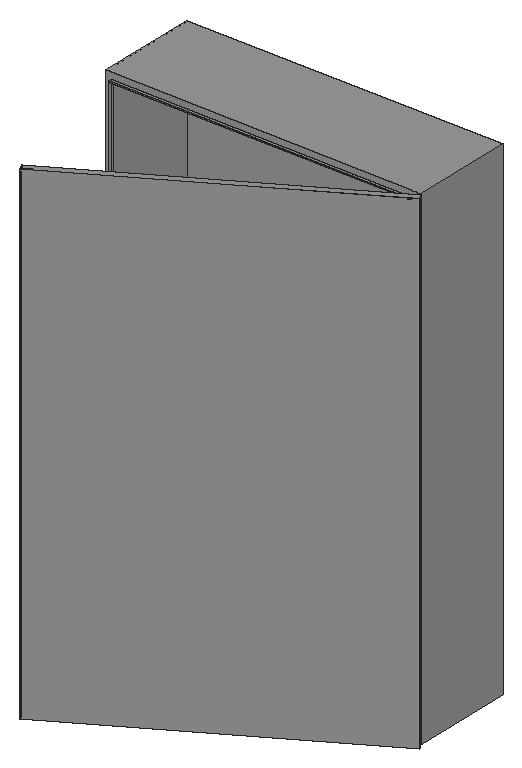
Revit family "Hager-Univers-IP55-D275-H1250-Cl.I-Steel_encl-NoHosted-CH-de", category Equipement électrique, Revit 2020
Family settings
  Configuration du panneau = Deux colonnes, circuits au sein
  Cote de connecteur circulaire = Utiliser le diamètre
  Type d'élément = Tableau de raccordement
  Basée sur le plan de construction = Oui
  Toujours verticalement = Oui
  Couper avec des vides une fois chargée = Non
  Partagée = Non
  Point de calcul de pièce = Non
Parameters (values of type "Aufputz IP55 B800 H1250 T275  - FR83E")
  Width Control [instance] = if([EF000008 - Breite] > Min Width, [EF000008 - Breite], Min Width)  # 800 mm
  Commentaires du type = [HG000003 - Bereich]  # "Univers"
  Thickness Door [instance] = if([EF009171 - Materialstärke Tür/Deckel] > 3 mm, 3 mm, [EF009171 - Materialstärke Tür/Deckel])  # 1.5 mm
  Seal Frame Offset [instance] = 17 mm  # constant formula
  Plinth Visibility [instance] = [HG000027 - Sockelhöhe] > 0 mm  # no
  Min Width [instance] = 100 mm  # constant formula
  Min Depth [instance] = (2 * [EF009170 - Materialstärke Gehäuse]) + 1 mm  # 4 mm
  Min Height [instance] = 100 mm  # constant formula
  Internal Frame Depth [instance] = (Door System Depth * 0.5)  # 9 mm
  Panel Name [instance] = ""  # (empty or 0)
  Model = ""
  HG000027 - Sockelhöhe = 0 mm
  HG000026 - Stehend auf dem Boden = no
  HG000024 - Höhe des unteren Teils = 600 mm
  HG000023 - Gehäuse mit doppeltem Querschnitt = no
  HG000016 - 3D-Türsichtbarkeit [instance] = yes
  HG000015 - Sichtbarkeit der Türöffnung [instance] = no
  HG000014 - Tür rechts [instance] = yes
  HG000013 - Tür links [instance] = not([HG000014 - Tür rechts])  # no
  HG000012 - Türschwenkwinkel [instance] = 30.00°
  HG000010 - Asymmetrische Türen = no
  HG000009 - Doppelflügeligen Tür = no
  HG000006 - Unterputz = no
  HG000004 - Herstellerreferenz = "FR83E"
  HG000003 - Bereich = "Univers"
  HG000002 - Mit tür = yes
  Frame Offset Bottom [instance] = 10 mm  # constant formula
  Frame Offset [instance] = 15 mm  # constant formula
  EF015940 - Deckel mit Überdruckentlastung = no
  EF011959 - Schutzart (NEMA) = ""
  EF009554 - Anzahl der Öffnungen für Flanschplatten = 6
  EF009212 - Ausführung Deckel = "EV000116 - geschlossen"
  EF009171 - Materialstärke Tür/Deckel = 1.5 mm
  EF009170 - Materialstärke Gehäuse = 1.5 mm
  EF008873 - Nennstrom (In) = 800 A
  EF007800 - Geeignet für Blitzschutz = no
  EF006306 - Mit Schloss = no
  EF006244 - Transparenter Deckel/Tür = no
  EF005474 - Schutzart (IP) = "EV006420 - IP55"
  EF004464 - Art der Tür = "EV002646 - Einzel"
  EF004427 - Anzahl der Module = 288
  EF004293 - Schlagfestigkeit = "EV008784 - IK10"
  EF003532 - Geeignet für Außengebrauch = no
  EF002950 - Breite in Teilungseinheiten = 24
  EF001613 - Funktionserhalt = "EV000494 - ohne"
  EF001596 - Werkstoff des Gehäuses = "EV000179 - Stahl"
  EF001131 - Innentiefe = 275 mm
  EF001088 - Anbaumöglichkeit = yes
  EF000437 - Anzahl der Leitungseinführungen = 6
  EF000339 - Art der Abdeckung = "EV004216 - Tür"
  EF000266 - Anzahl der Reihen = 8
  EF000218 - Einbautiefe = 0 mm
  EF000118 - Mit Montageplatte = no
  EF000116 - RAL-Nummer = "7035"
  EF000049 - Tiefe = 275 mm
  EF000040 - Höhe = 1250 mm
  EF000008 - Breite = 800 mm
  EF000007 - Farbe = "EV000270 - grau"
  EF000003 - Montageart = "EV000384 - Aufputz"
  Door System Leaf Tolerance [instance] = 1.5 mm  # constant formula
  Door System Depth [instance] = 18 mm  # constant formula
  Door Height [instance] = Height Control - [HG000027 - Sockelhöhe]  # 1250 mm
  Description = ""
  Default Elevation = 1219.2 mm
  Connector Offset [instance] = Height Control / 2  # 625 mm
  Fabricant = "Hager"  # constant formula
  Height Control [instance] = if([EF000040 - Höhe] > Min Height, [EF000040 - Höhe], Min Height)  # 1250 mm
  Depth Control [instance] = if([EF000049 - Tiefe] > Min Depth, [EF000049 - Tiefe], Min Depth)  # 275 mm
  Bottom Top Plate Trim [instance] = 1.5 mm  # constant formula
  Plinth height Ctrl [instance] = if([HG000027 - Sockelhöhe] > 0 mm, [HG000027 - Sockelhöhe], 12 mm)  # 12 mm
Types (5, lengths in mm): name | Width Control | HG000010 - Asymmetrische Türen | HG000009 - Doppelflügeligen Tür | HG000004 - Herstellerreferenz | EF009554 - Anzahl der Öffnungen für Flanschplatten | EF004464 - Art der Tür | EF004427 - Anzahl der Module | EF000437 - Anzahl der Leitungseinführungen | EF000008 - Breite
  Aufputz IP55 B1050 H1250 T275  - FR84E | 1050 | no | yes | "FR84E" | 8 | "EV003602 - Doppel" | 384 | 8 | 1050
  Aufputz IP55 B1300 H1250 T275  - FR85E | 1300 | yes | yes | "FR85E" | 10 | "EV003602 - Doppel" | 480 | 10 | 1300
  Aufputz IP55 B300 H1250 T275  - FR81E | 300 | no | no | "FR81E" | 2 | "EV002646 - Einzel" | 96 | 2 | 300
  Aufputz IP55 B550 H1250 T275  - FR82E | 550 | no | no | "FR82E" | 4 | "EV002646 - Einzel" | 192 | 4 | 550
  Aufputz IP55 B800 H1250 T275  - FR83E | 800 | no | no | "FR83E" | 6 | "EV002646 - Einzel" | 288 | 6 | 800
Reference planes
  plane 1 "Center (Front/Back)": y = 0
  plane 2: z = 0
  plane 3 "Center (Left/Right)": x = 0
  plane 4: y = 0
  plane 5: y = 0
  plane 6: z = 0
  plane 7: x = -400
  plane 8: x = 400
  plane 9: x = 398.5
  plane 10: x = -398.5
  plane 11: z = 0
  plane 12: z = 1.5
  plane 13: y = -275
  plane 14: y = -1.5
  plane 15: x = 0
  plane 16: y = -257
  plane 17: y = -273.5
  plane 18: y = -255.5
  plane 19: x = -383.5
  plane 20: x = 383.5
  plane 21: z = 11.5
  plane 22: x = -383
  plane 23: x = 383
  plane 24: z = 0
  plane 25: z = 1250
  plane 26: z = 1250
  plane 27: z = 1233.5
  plane 28: z = 1248.5
Forms (mm)
  Extrusion 1, solid, material "Hager_Steel_RAL7035_Light_Grey", detail levels medium+fine
    sketch origin (-208.679, -4572, 0) x (-1, 0, 0) y (0, -1, 0)
      loop
        line (191.321, -4315) -> (-608.679, -4315) -> (-608.679, -4572) -> (191.321, -4572) -> (191.321, -4315)
    from 0 to 1250
  Extrusion 2, void
    sketch origin (-350.771, -275, 1219.2) x (1, 0, 0) y (0, 0, 1)
      loop
        line (-47.729, 29.3) -> (-47.729, -1217.7) -> (749.271, -1217.7) -> (749.271, 29.3) -> (-47.729, 29.3)
    from -19.5 to -273.5
  Extrusion 3, void
    sketch origin (-290.084, -257, 1219.2) x (1, 0, 0) y (0, 0, 1)
      loop
        line (-93.416, -1207.7) -> (673.584, -1207.7) -> (673.584, 14.3) -> (-93.416, 14.3) -> (-93.416, -1207.7)
    from 0 to -1.5
  Extrusion 4, solid, material "Hager_Steel_RAL7035_Light_Grey", visible <- "Plinth Visibility", detail levels medium+fine
    sketch origin (0, 0, 0) x (1, 0, 0) y (0, 1, 0)
      loop
        line (-400, 0) -> (-400, -257) -> (400, -257) -> (400, 0) -> (-400, 0)
    from 0 to 12 <- "Plinth height Ctrl"
  Extrusion 5, solid, material "Hager_Steel_RAL7035_Light_Grey", detail levels coarse
    sketch origin (0, 0, 0) x (1, 0, 0) y (0, 1, 0)
      loop
        line (-400, 0) -> (-400, -275) -> (400, -275) -> (400, 0) -> (-400, 0)
    from 0 to 1250 <- "Height Control"
  Sweep 6, void
    path in 3D
      loop
        line (-400, -257, 12) -> (400, -257, 12) -> (400, 0, 12) -> (-400, 0, 12) -> (-400, -257, 12)
    profile origin (-400, -128.5, 12) x (1, 0, 0) y (0, 0, 1)
      loop
        line (0, 0) -> (0, -1.5) -> (1.5, -1.5)
        arc (1.5, -1.5) -> (1.061, -0.439) -> (0, 0) r 1.5
  Extrusion 7, solid, material "Hager_Steel_RAL7035_Light_Grey", detail levels fine
    sketch origin (-400, -257, 0) x (1, 0, 0) y (0, 0, 1)
      loop
        line (16.5, 11.5) -> (783.5, 11.5) -> (783.5, 1233.5) -> (16.5, 1233.5) -> (16.5, 11.5)
      loop
        line (15, 10) -> (785, 10) -> (785, 1235) -> (15, 1235) -> (15, 10)
    from 0 to 9 <- "Internal Frame Depth"
Cuts and joins
  Extrusion 2, Extrusion 3 cuts Extrusion 1
  Sweep 6 cuts Extrusion 4
Lines and regions (mm)
  Masking region 1
    outline origin (0, 0, 0) x (1, 0, 0) y (0, 1, 0)
      loop
        line (-400, 0) -> (-400, -275) -> (400, -275) -> (400, 0) -> (-400, 0)
  Masking region 2, detail levels coarse
    outline origin (-290.084, -257, 1219.2) x (-1, 0, 0) y (0, 0, 1)
      loop
        line (-690.084, -1219.2) -> (109.916, -1219.2) -> (109.916, 30.8) -> (-690.084, 30.8) -> (-690.084, -1219.2)
  Masking region 3, detail levels coarse
    outline origin (0, 0, 0) x (0, 1, 0) y (0, 0, 1)
      loop
        line (0, 0) -> (0, 1250) -> (-275, 1250) -> (-275, 0) -> (0, 0)
  Masking region 4, visible <- "Plinth Visibility", detail levels medium+fine
    outline origin (0, 0, 0) x (0, 1, 0) y (0, 0, 1)
      loop
        line (-1.5, 12) -> (-255.5, 12)
        arc (-255.5, 12) -> (-255.939, 10.939) -> (-257, 10.5) r 1.5
        line (-257, 10.5) -> (-257, 0) -> (0, 0) -> (0, 10.5)
        arc (0, 10.5) -> (-1.061, 10.939) -> (-1.5, 12) r 1.5
  Masking region 5, detail levels medium+fine
    outline origin (0, 0, 594.038) x (0, 1, 0) y (0, 0, 1)
      loop
        line (0, -594.038) -> (0, 655.962) -> (-257, 655.962) -> (-257, -594.038) -> (0, -594.038)
  Masking region 6, detail levels medium+fine
    outline origin (-359.7, -257, 1211.883) x (-1, 0, 0) y (0, 0, 1)
      loop
        line (-759.7, -1211.883) -> (40.3, -1211.883) -> (40.3, 38.117) -> (-759.7, 38.117) -> (-759.7, -1211.883)
  Masking region 7, visible <- "Plinth Visibility", detail levels medium+fine
    outline origin (-320.334, -257, 1041.368) x (-1, 0, 0) y (0, 0, 1)
      loop
        line (-720.334, -1041.368) -> (79.666, -1041.368) -> (79.666, -1030.868)
        arc (79.666, -1030.868) -> (78.606, -1030.429) -> (78.166, -1029.368) r 1.5
        line (78.166, -1029.368) -> (-718.834, -1029.368)
        arc (-718.834, -1029.368) -> (-719.273, -1030.429) -> (-720.334, -1030.868) r 1.5
        line (-720.334, -1030.868) -> (-720.334, -1041.368)
  sketch lines
    curve 1: line (-400, 0, 12) -> (-400, -257, 12)
    curve 2: line (-400, -257, 12) -> (400, -257, 12)
    curve 3: line (400, 0, 12) -> (-400, 0, 12)
    curve 4: line (400, -257, 12) -> (400, 0, 12)
Dimensions and locks
  locked: plane 1 "Center (Front/Back)" to plane 5
  "EF009170 - Materialstärke Gehäuse": plane 7 to plane 10
  "EF009170 - Materialstärke Gehäuse": plane 8 to plane 9
  equal spacing: plane 7, plane 3 "Center (Left/Right)", plane 8
  "Width Control": plane 7 to plane 8
  "Depth Control": plane 4 to plane 13
  "EF009170 - Materialstärke Gehäuse": plane 4 to plane 14
  "Height Control": plane 25 to level
  "HG000027 - Sockelhöhe": plane 11 to level
  "EF009170 - Materialstärke Gehäuse": plane 12 to plane 11
  "EF009170 - Materialstärke Gehäuse": plane 17 to plane 13
  "EF009170 - Materialstärke Gehäuse": plane 18 to plane 16
  "Frame Offset Bottom": plane 21 to plane 12
  "Frame Offset": plane 10 to plane 19
  "Frame Offset": plane 9 to plane 20
  "Door System Depth": plane 16 to plane 13
  "Seal Frame Offset": plane 7 to plane 22
  "Seal Frame Offset": plane 8 to plane 23
  "EF009170 - Materialstärke Gehäuse": plane 26 to plane 28
  "Frame Offset": plane 28 to plane 27
  "Connector Offset": plane 2 to connector elem
  "Bottom Top Plate Trim": profile plane to Sweep 6 sketch curve
  "Bottom Top Plate Trim": Sweep 6 sketch curve to Sweep 6 sketch curve
  "Plinth height Ctrl": Masking region 4 sketch curve to level
  "Plinth height Ctrl": Masking region 7 sketch curve to level
  "Thickness Door": Extrusion 7 sketch curve to Extrusion 7 sketch curve  (x4)
  "Bottom Top Plate Trim": radius of Sweep 6 sketch curve
  "Bottom Top Plate Trim": radius of Masking region 4 sketch curve  (x2)
  "Bottom Top Plate Trim": radius of Masking region 7 sketch curve  (x2)
  aligned and locked: Extrusion 2 sketch curve to plane 12
  aligned and locked: Extrusion 2 sketch curve to plane 9
  aligned and locked: Extrusion 2 sketch curve to plane 10
  aligned and locked: Extrusion 2 to plane 14
  aligned and locked: Extrusion 1 sketch curve to plane 4
  aligned and locked: plane 8 to Extrusion 1 sketch curve
  aligned and locked: plane 7 to Extrusion 1 sketch curve
  aligned and locked: Extrusion 2 to plane 18
  aligned and locked: Extrusion 3 sketch curve to plane 19
  aligned and locked: plane 20 to Extrusion 3 sketch curve
  aligned and locked: Extrusion 3 to Extrusion 2
  aligned and locked: Extrusion 3 sketch curve to plane 21
  aligned and locked: plane 3 "Center (Left/Right)" to nested 1
  aligned and locked: Extrusion 1 sketch curve to plane 16
  aligned and locked: Extrusion 4 sketch curve to cut or joined group of Extrusion 1, Extrusion 2, Extrusion 3
  aligned and locked: Masking region 1 sketch curve to plane 7
  aligned and locked: Masking region 1 sketch curve to plane 5
  aligned and locked: Masking region 1 sketch curve to plane 8
  aligned and locked: Masking region 2 sketch curve to level
  aligned and locked: level to Masking region 3 sketch curve
  aligned and locked: plane 1 "Center (Front/Back)" to Masking region 3 sketch curve
  aligned and locked: plane 13 to Masking region 3 sketch curve
  aligned and locked: plane 5 to Masking region 4 sketch curve
  aligned and locked: Masking region 2 sketch curve to plane 8
  aligned and locked: Masking region 2 sketch curve to plane 7
  aligned and locked: plane 7 to nested 2
  aligned and locked: nested 2 to plane 5
  aligned and locked: plane 5 to Masking region 5 sketch curve
  aligned and locked: plane 26 to Masking region 5 sketch curve
  aligned and locked: Extrusion 5 sketch curve to plane 8
  aligned and locked: Extrusion 5 sketch curve to plane 7
  aligned and locked: Extrusion 5 sketch curve to plane 5
  aligned and locked: Extrusion 3 sketch curve to plane 27
  aligned and locked: Extrusion 2 sketch curve to plane 28
  aligned and locked: Masking region 2 to plane 25
  aligned and locked: Extrusion 4 to plane 16
  aligned and locked: profile plane to Sweep 6 sketch curve
  aligned and locked: Masking region 5 sketch curve to plane 24
  aligned and locked: level to Masking region 4 sketch curve
  aligned and locked: Masking region 1 to plane 13
  aligned and locked: nested 1 to plane 16
  aligned and locked: Masking region 3 to plane 25
  aligned and locked: plane 16 to Masking region 4 sketch curve
  aligned and locked: Masking region 5 sketch curve to plane 16
  aligned and locked: plane 24 to plane 11
  aligned and locked: plane 26 to plane 25
  aligned and locked: plane 26 to cut or joined group of Extrusion 1, Extrusion 2, Extrusion 3
  aligned and locked: nested 1 to plane 24
  aligned and locked: Extrusion 1 to Extrusion 3
  aligned and locked: Masking region 6 sketch curve to plane 8
  aligned and locked: Masking region 6 sketch curve to plane 24
  aligned and locked: Masking region 6 sketch curve to plane 7
  aligned and locked: Masking region 6 sketch curve to plane 26
  aligned and locked: Masking region 7 sketch curve to plane 7
  aligned and locked: level to Masking region 7 sketch curve
  aligned and locked: Masking region 7 sketch curve to plane 8
  aligned and locked: Extrusion 7 sketch curve to cut or joined group of Extrusion 1, Extrusion 2, Extrusion 3  (x4)
Automatic sketch dimensions
  plane 19 to Extrusion 3 sketch curve = 0 mm
  Extrusion 3 sketch curve to plane 20 = 0 mm
  Extrusion 3 sketch curve to plane 21 = 0 mm
  Extrusion 4 sketch curve to plane 7 = 0 mm
  Extrusion 4 sketch curve to plane 8 = 0 mm
  Extrusion 4 sketch curve to plane 16 = 0 mm
  Masking region 1 sketch curve to plane 13 = 0 mm
  Masking region 2 sketch curve to plane 25 = 0 mm
  Masking region 3 sketch curve to plane 25 = 0 mm
  Extrusion 5 sketch curve to plane 13 = 0 mm
  profile plane to Sweep 6 sketch curve = 0 mm
Nested families
  nested 1: "EC000058_Univers_Door" at (0, -257, 0), Double <- "HG000009 - Doppelflügeligen Tür", Transparent <- "EF006244 - Transparenter Deckel/Tür", Angle <- "HG000012 - Türschwenkwinkel", Door_Right <- "HG000014 - Tür rechts", Assymetrical <- "HG000010 - Asymmetrische Türen", Door <- "HG000002 - Mit tür", Width_Ctrl <- "Width Control", 3d_Door <- "HG000016 - 3D-Türsichtbarkeit", Clearance <- "HG000015 - Sichtbarkeit der Türöffnung", Door_Left <- "HG000013 - Tür links", Width <- "Width Control", Door_Depth <- "Door System Depth", Leaf_Tolerance <- "Door System Leaf Tolerance", Height <- "Door Height", Lock_Visibility <- "EF006306 - Mit Schloss", Thickness <- "Thickness Door", type "EC000058_Univers_Door", detail levels medium+fine
    with min_wh 4 mm, Width_Ctrl 800 mm, Width 800 mm, Transparent no, Thickness 1.5 mm, Seal_Material Hager_Rubber, Lock_Visibility no, Lock_Material Hager_Plastic_RAL9005_Jet_Black, Leaf_Width 800 mm, Leaf_Tolerance_External_Sides 0 mm, Leaf_Tolerance 1.5 mm, Leaf_Offset 0 mm, Leaf_Height 1247 mm, Leaf_2_Width 800 mm, Leaf_2_Offset 400 mm, Leaf_1_Width 800 mm, Leaf_1_Offset 400 mm, Height_Ctrl 1250 mm, Height 1250 mm, Glass_Material Hager_Glass, Double_Clearance_Ctrl no, Double no, Door_Right_Ctrl yes, Door_Right yes, Door_Material Hager_Steel_RAL7035_Light_Grey, Door_Left_Ctrl no, Door_Left no, Door_Depth 18 mm, Door yes, Clearance_Material Hager_Clearance, Clearance_Depth 800 mm, Clearance_Ctrl no, Clearance no, Assymetrical no, Angle 30.00°, 3d_Door yes
  nested 2: "Hager_Enclosure_Symbol" at (-400, 0, 0), Height <- "Depth Control", Width <- "Width Control", type "Hager_Enclosure_Symbol"
    with Width_Ctrl 800 mm, Width 800 mm, Height_Ctrl 275 mm, Height 275 mm, A_Width_Int 18.047 mm, A_Width 216.562 mm, A_Height_Ctrl 240.625 mm, A_Height 240.625 mm
Connectors
  electrical at (0, 0, 625)
    settings: on plane 1 "Center (Front/Back)", index 1, voltage 0 V, apparent load 0 VA, apparent load phase1 0 VA, apparent load phase2 0 VA, apparent load phase3 0 VA, power factor 1, load classification "Other", number of poles 1, system type 30, power factor state 1, is connector primary yes, connector utility no, sub classification motor no, connector description ""
Definition of nested family "EC000058_Univers_Door"
  Parameters (values of type "EC000058_Univers_Door")
    min_wh [instance] = (2 * Thickness) + 1 mm  # 11 mm
    Width_Ctrl [instance] = 400 mm
    Width [instance] = 500 mm
    Transparent [instance] = yes
    Thickness [instance] = 5 mm
    Seal_Material [instance] = none
    Lock_Visibility [instance] = yes
    Lock_Material [instance] = none
    Leaf_Width [instance] = if((Width_Ctrl - 2 * Leaf_Tolerance_External_Sides) > 0 mm, (Width_Ctrl - 2 * Leaf_Tolerance_External_Sides), min_wh)  # 400 mm
    Leaf_Tolerance_External_Sides [instance] = 0 mm  # constant formula
    Leaf_Tolerance [instance] = 1.5 mm
    Leaf_Offset [instance] = 0 mm  # constant formula
    Leaf_Height [instance] = if((Height_Ctrl - 2 * Leaf_Tolerance) > 0 mm, (Height_Ctrl - 2 * Leaf_Tolerance), min_wh)  # 497 mm
    Leaf_2_Width [instance] = if(and(and(Double, Assymetrical), Door_Left), (Leaf_Width / 3) - (Leaf_Tolerance / 2), if(and(and(Double, Assymetrical), Door_Right), (Leaf_Width / 3) * 2 - (Leaf_Tolerance / 2), if(and(Double, not(Assymetrical)), (Leaf_Width / 2) - Leaf_Tolerance, Leaf_Width)))  # 400 mm
    Leaf_2_Offset [instance] = if(and(Double, Assymetrical), Leaf_2_Width / 2, if(and(Double, not(Assymetrical)), Leaf_Width / 4, Leaf_Width / 2))  # 200 mm
    Leaf_1_Width [instance] = if(and(and(Double, Assymetrical), Door_Right), (Leaf_Width / 3) - (Leaf_Tolerance / 2), if(and(and(Double, Assymetrical), Door_Left), (Width / 3) * 2 - (Leaf_Tolerance / 2), if(and(Double, not(Assymetrical)), (Leaf_Width / 2) - Leaf_Tolerance, Leaf_Width)))  # 400 mm
    Leaf_1_Offset [instance] = if(and(Double, Assymetrical), Leaf_1_Width / 2, if(and(Double, not(Assymetrical)), Leaf_Width / 4, Leaf_Width / 2))  # 200 mm
    Height_Ctrl [instance] = if(Height > min_wh, Height, min_wh)  # 500 mm
    Height [instance] = 500 mm
    Glass_Material [instance] = none
    Double_Clearance_Ctrl [instance] = and(Double, Clearance)  # no
    Double [instance] = no
    Door_Right_Ctrl [instance] = and(or(Door_Right, Double), Door)  # yes
    Door_Right [instance] = yes
    Door_Material [instance] = none
    Door_Left_Ctrl [instance] = and(or(Door_Left, Double), Door)  # no
    Door_Left [instance] = no
    Door_Depth [instance] = 30 mm
    Door [instance] = yes
    Default Elevation = 1219.2 mm
    Clearance_Material [instance] = none
    Clearance_Depth [instance] = if(Leaf_1_Width > Leaf_2_Width, Leaf_1_Width, Leaf_2_Width)  # 400 mm
    Clearance_Ctrl [instance] = and(not(Double), Clearance)  # yes
    Clearance [instance] = yes
    Assymetrical [instance] = yes
    Angle [instance] = 30.00°
    3d_Door [instance] = yes
  Reference planes
    plane 1 "Center (Front/Back)": y = 0
    plane 2 "Bottom": z = 0
    plane 3 "Center (Left/Right)": x = 0
    plane 4: z = 500
    plane 5: x = -200
    plane 6: x = 200
    plane 7: z = 500
    plane 8: x = -200
    plane 9: z = 0
    plane 10: x = 200
    plane 11: y = 0
    plane 12: z = 1.5
    plane 13: x = -600
    plane 14: y = -400
    plane 15: x = 600
    plane 16: x = 0
    plane 17: x = 0
    plane 18: x = -200
    plane 19: x = 200
    plane 20: z = 498.5
  Forms (mm)
    Extrusion 1, solid, material <- "Clearance_Material", visible <- "Double_Clearance_Ctrl"
      sketch origin (1200, 0, 0) x (1, 0, 0) y (0, 0, -1)
        loop
          line (-1800, -498.5) -> (-600, -498.5) -> (-600, 0) -> (-1800, 0) -> (-1800, -498.5)
      from 0 to -400
  Dimensions and locks
    equal spacing: plane 5, plane 3 "Center (Left/Right)", plane 6
    "Width_Ctrl": plane 5 to plane 6
    "Leaf_Offset": plane 5 to plane 8
    "Leaf_Offset": plane 6 to plane 10
    "Leaf_Offset": plane 9 to level
    "Leaf_Offset": plane 4 to plane 7
    "Height_Ctrl": plane 4 to level
    "Leaf_Tolerance": plane 12 to plane 9
    locked: plane 11 to plane 1 "Center (Front/Back)"
    "Leaf_1_Offset": plane 18 to plane 16
    "Leaf_2_Offset": plane 17 to plane 19
    "Leaf_1_Width": plane 13 to plane 8
    "Leaf_2_Width": plane 10 to plane 15
    "Clearance_Depth": plane 14 to plane 1 "Center (Front/Back)"
    "Leaf_Tolerance_External_Sides": plane 8 to plane 18
    "Leaf_Tolerance_External_Sides": plane 19 to plane 10
    "Leaf_Tolerance": plane 7 to plane 20
    aligned and locked: level to plane 2 "Bottom"
    aligned and locked: nested 1 to plane 16
    aligned and locked: nested 2 to plane 17
    aligned and locked: Extrusion 1 to plane 13
    aligned and locked: plane 15 to Extrusion 1
    aligned and locked: Extrusion 1 to plane 14
    aligned and locked: plane 12 to nested 1
    aligned and locked: nested 2 to plane 12
    aligned and locked: Extrusion 1 to plane 11
    aligned and locked: plane 20 to Extrusion 1
    aligned and locked: nested 2 to plane 11
    aligned and locked: nested 1 to plane 11
  Automatic sketch dimensions
    Extrusion 1 sketch curve to level = 0 mm
    plane 5 to Extrusion 1 sketch curve = 400 mm
    plane 6 to Extrusion 1 sketch curve = 400 mm
    Extrusion 1 sketch curve to plane 4 = 1.5 mm
  Nested families
    nested 1: "EC000058_Univers_Door_Leaf" at (0, 0, 1.5), Width <- "Leaf_1_Width", visible <- "Door_Left_Ctrl", Leaf_Height <- "Leaf_Height", Angle <- "Angle", 3d_Door <- "3d_Door", Transparent <- "Transparent", Clearance Material <- "Clearance_Material", Clearance <- "Clearance_Ctrl", Door_Material <- "Door_Material", Glass_Material <- "Glass_Material", Door_Depth <- "Door_Depth", Lock_Material <- "Lock_Material", Seal_Material <- "Seal_Material", Lock_Visibility <- "Lock_Visibility", Thickness <- "Thickness", type "EC000058_Univers_Door_Leaf"
      with Width 400 mm, Transparent_Glass_Offset 30 mm, Transparent_Ctrl yes, Transparent yes, Thickness 5 mm, Standard no, Seal_Material none, Seal_D2 8 mm, Seal_D1 1 mm, Offset_Internal_Frame 10 mm, Lock_Width 20 mm, Lock_Visibility_3d yes, Lock_Visibility yes, Lock_Thickness_3 3 mm, Lock_Thickness_2 1 mm, Lock_Thickness_1 3 mm, Lock_Radius_Offset_2 16 mm, Lock_Radius_Offset_1 15 mm, Lock_Radius_2 5 mm, Lock_Radius 6 mm, Lock_Offset 5 mm, Lock_Material none, Lock_Height 80 mm, Lock_Cover_Top_Offset_2d 17 mm, Lock_Cover_Height -65 mm, Leaf_Height 497 mm, Internal_Seal_Thickness 8 mm, Internal_Seal_Depth_2 4.5 mm, Internal_Frame_Depth 25 mm, Glass_Thickness -1 mm, Glass_Offset -2 mm, Glass_Material none, Door_Material none, Door_Depth 30 mm, Clearance Material none, Clearance yes, Angle_Ctrl 30.00°, Angle 30.00°, 3d_Door yes
    nested 2: "EC000058_Univers_Door_Leaf" at (0, 0, 1.5) x (-1, 0, 0) z (0, 0, 1), Width <- "Leaf_2_Width", visible <- "Door_Right_Ctrl", Leaf_Height <- "Leaf_Height", Angle <- "Angle", 3d_Door <- "3d_Door", Transparent <- "Transparent", Clearance Material <- "Clearance_Material", Clearance <- "Clearance_Ctrl", Door_Material <- "Door_Material", Glass_Material <- "Glass_Material", Door_Depth <- "Door_Depth", Lock_Material <- "Lock_Material", Seal_Material <- "Seal_Material", Lock_Visibility <- "Lock_Visibility", Thickness <- "Thickness", type "EC000058_Univers_Door_Leaf"
      with Width 400 mm, Transparent_Glass_Offset 30 mm, Transparent_Ctrl yes, Transparent yes, Thickness 5 mm, Standard no, Seal_Material none, Seal_D2 8 mm, Seal_D1 1 mm, Offset_Internal_Frame 10 mm, Lock_Width 20 mm, Lock_Visibility_3d yes, Lock_Visibility yes, Lock_Thickness_3 3 mm, Lock_Thickness_2 1 mm, Lock_Thickness_1 3 mm, Lock_Radius_Offset_2 16 mm, Lock_Radius_Offset_1 15 mm, Lock_Radius_2 5 mm, Lock_Radius 6 mm, Lock_Offset 5 mm, Lock_Material none, Lock_Height 80 mm, Lock_Cover_Top_Offset_2d 17 mm, Lock_Cover_Height -65 mm, Leaf_Height 497 mm, Internal_Seal_Thickness 8 mm, Internal_Seal_Depth_2 4.5 mm, Internal_Frame_Depth 25 mm, Glass_Thickness -1 mm, Glass_Offset -2 mm, Glass_Material none, Door_Material none, Door_Depth 30 mm, Clearance Material none, Clearance yes, Angle_Ctrl 30.00°, Angle 30.00°, 3d_Door yes
  Definition of nested family "EC000058_Univers_Door_Leaf"
    Parameters (values of type "EC000058_Univers_Door_Leaf")
      Width [instance] = 2000 mm
      Transparent_Glass_Offset [instance] = 30 mm
      Transparent_Ctrl [instance] = and(Transparent, [3d_Door])  # yes
      Transparent [instance] = yes
      Thickness [instance] = 5 mm
      Standard [instance] = and(not(Transparent), [3d_Door])  # no
      Seal_Material [instance] = none
      Seal_D2 [instance] = 8 mm  # constant formula
      Seal_D1 [instance] = 1 mm  # constant formula
      Offset_Internal_Frame [instance] = 10 mm  # constant formula
      Lock_Width [instance] = 20 mm  # constant formula
      Lock_Visibility_3d [instance] = and(Lock_Visibility, [3d_Door])  # yes
      Lock_Visibility [instance] = yes
      Lock_Thickness_3 [instance] = 3 mm  # constant formula
      Lock_Thickness_2 [instance] = 1 mm  # constant formula
      Lock_Thickness_1 [instance] = 3 mm  # constant formula
      Lock_Radius_Offset_2 [instance] = Lock_Radius_Offset_1 + 1 mm  # 16 mm
      Lock_Radius_Offset_1 [instance] = 15 mm  # constant formula
      Lock_Radius_2 [instance] = Lock_Radius - 1 mm  # 5 mm
      Lock_Radius [instance] = 6 mm  # constant formula
      Lock_Offset [instance] = 5 mm  # constant formula
      Lock_Material [instance] = none
      Lock_Height [instance] = 80 mm  # constant formula
      Lock_Cover_Top_Offset_2d [instance] = Lock_Radius_Offset_2 + 1 mm  # 17 mm
      Lock_Cover_Height [instance] = -(Lock_Height - Lock_Radius_Offset_1)  # -65 mm
      Leaf_Height [instance] = 2720.336 mm
      Internal_Seal_Thickness [instance] = 8 mm  # constant formula
      Internal_Seal_Depth_2 [instance] = 4.5 mm  # constant formula
      Internal_Frame_Depth [instance] = if(Door_Depth - Thickness > 5 mm, Door_Depth - Thickness, 5 mm)  # 25 mm
      Glass_Thickness [instance] = if(Thickness > 15 mm, Glass_Offset + 10 mm, -1 mm)  # -1 mm
      Glass_Offset [instance] = if(Thickness > 15 mm, -(Thickness + 10 mm) / 2, -2 mm)  # -2 mm
      Glass_Material [instance] = none
      Door_Material [instance] = none
      Door_Depth [instance] = 30 mm
      Default Elevation = 0 mm
      Clearance Material [instance] = none
      Clearance [instance] = yes
      Angle_Ctrl [instance] = if(Angle > 180.00°, 180.00°, Angle)  # 90.00°
      Angle [instance] = 90.00°
      3d_Door [instance] = yes
    Reference planes
      plane 1 "Center (Front/Back)": y = 0
      plane 2: z = 0
      plane 3 "Center (Left/Right)": x = 0
      plane 4: y = 2000
      plane 5: x = -1000
      plane 6: x = 1000
      plane 7: x = -3000
      plane 8: z = 2720.336
      plane 9: z = 30
      plane 10: z = 2690.336
      plane 11: x = 970
      plane 12: x = -970
      plane 13: y = -3
      plane 14: z = 107.833
      plane 15: y = -5
      plane 16: y = -223.314
      plane 17: x = -1000
      plane 18: z = 1360.168
      plane 19: y = 30
    Forms (mm)
      Extrusion 1, solid, material <- "Clearance Material", visible <- "Clearance"
        sketch origin (0, 0, 0) x (1, 0, 0) y (0, 0, 1)
          loop
            line (-3000, 2720.336) -> (-3000, 0) -> (1000, 0) -> (1000, 2720.336) -> (-3000, 2720.336)
        from 0 to -2000
      Extrusion 2, solid, material <- "Door_Material", visible <- "Standard", detail levels medium+fine
        sketch origin (-1000, 0, 0) x (0, 1, 0) y (-1, 0, 0)
          loop
            line (0, 30) -> (0, 25) -> (2000, 25) -> (2000, 30) -> (0, 30)
        from 0 to 2720.336 <- "Leaf_Height"
      Extrusion 3, solid, material <- "Door_Material", visible <- "Transparent_Ctrl", detail levels medium+fine
        sketch origin (-1000, 0, 0) x (0, 1, 0) y (-1, 0, 0)
          loop
            line (0, 25) -> (2000, 25) -> (2000, 30) -> (0, 30) -> (0, 25)
        from 0 to 2720.336 <- "Leaf_Height"
      Extrusion 4, void
        sketch origin (-1025, 2000, 0) x (0, 1, 0) y (0, 0, -1)
          loop
            line (-30, -2690.336) -> (-30, -30) -> (-1970, -30) -> (-1970, -2690.336) -> (-30, -2690.336)
        from 0 to 5 <- "Thickness"
      Sweep 5, solid, material <- "Seal_Material", visible <- "Transparent_Ctrl", detail levels fine
        path in 3D
          loop
            line (-1025, 30, 30) -> (-1025, 30, 2690.336) -> (-1025, 1970, 2690.336) -> (-1025, 1970, 30) -> (-1025, 30, 30)
        profile origin (-1025, 1000, 30) x (1, 0, 0) y (0, 0, 1)
          loop
            line (0, 0) -> (0, -8) -> (1, -8) -> (1, 0) -> (0, 0)
      Extrusion 6, solid, material <- "Glass_Material", visible <- "Transparent_Ctrl", detail levels medium+fine
        sketch origin (-1030, 0, 0) x (0, 1, 0) y (0, 0, -1)
          loop
            line (1970, -2690.336) -> (1970, -30) -> (30, -30) -> (30, -2690.336) -> (1970, -2690.336)
        from -2 <- "Glass_Offset" to -1 <- "Glass_Thickness"
      Extrusion 7, solid, material <- "Door_Material", visible <- "3d_Door", detail levels medium+fine
        sketch origin (-1025, 2000, 0) x (0, -1, 0) y (0, 0, -1)
          loop
            line (0, -2720.336) -> (2000, -2720.336) -> (2000, 0) -> (0, 0) -> (0, -2720.336)
          loop
            line (1995, -5) -> (5, -5) -> (5, -2715.336) -> (1995, -2715.336) -> (1995, -5)
        from 0 to 25 <- "Internal_Frame_Depth"
      Sweep 8, solid, material <- "Seal_Material", visible <- "Transparent_Ctrl", detail levels fine
        path in 3D
          loop
            line (-1025, 0, 0) -> (-1025, 2000, 0) -> (-1025, 2000, 2720.336) -> (-1025, 0, 2720.336) -> (-1025, 0, 0)
        profile origin (-1025, 0, 1360.168) x (1, 0, 0) y (0, 1, 0)
          loop
            line (0, 10) -> (2.975, 10)
            arc (2.975, 10) -> (4.053, 10.447) -> (4.5, 11.525) r 1.525
            line (4.5, 11.525) -> (4.5, 16.527)
            arc (4.5, 16.527) -> (4.069, 17.569) -> (3.027, 18) r 1.473
            line (3.027, 18) -> (0, 18) -> (0, 10)
      Extrusion 9, solid, material <- "Lock_Material", visible <- "Lock_Visibility_3d", detail levels fine
        sketch origin (-1030, 0, 0) x (0, 1, 0) y (0, 0, -1)
          loop
            arc (1993.5, -1400.168) -> (1994.561, -1399.729) -> (1995, -1398.668) r 1.5
            line (1995, -1398.668) -> (1995, -1320.168) -> (1975, -1320.168) -> (1975, -1398.668)
            arc (1975, -1398.668) -> (1975.439, -1399.729) -> (1976.5, -1400.168) r 1.5
            line (1976.5, -1400.168) -> (1993.5, -1400.168)
        from 3 <- "Lock_Thickness_1" to 0
      Blend 10, solid, material <- "Lock_Material", visible <- "Lock_Visibility_3d", detail levels fine
        base sketch origin (-1033, 0, 0) x (0, 1, 0) y (0, 0, -1)
          loop
            line (1975, -1320.168) -> (1975, -1398.668)
            arc (1975, -1398.668) -> (1975.439, -1399.729) -> (1976.5, -1400.168) r 1.5
            line (1976.5, -1400.168) -> (1993.5, -1400.168)
            arc (1993.5, -1400.168) -> (1994.561, -1399.729) -> (1995, -1398.668) r 1.5
            line (1995, -1398.668) -> (1995, -1320.168) -> (1975, -1320.168)
        top sketch origin (-1033, 0, 0) x (0, 1, 0) y (0, 0, -1)
          loop
            line (1976, -1320.168) -> (1976, -1398.668)
            arc (1976, -1398.668) -> (1976.146, -1399.022) -> (1976.5, -1399.168) r 0.5
            line (1976.5, -1399.168) -> (1993.5, -1399.168)
            arc (1993.5, -1399.168) -> (1993.854, -1399.022) -> (1994, -1398.668) r 0.5
            line (1994, -1398.668) -> (1994, -1320.168) -> (1976, -1320.168)
        from 0 to 1 <- "Lock_Thickness_2"
      Blend 11, solid, material <- "Lock_Material", visible <- "Lock_Visibility_3d", detail levels fine
        base sketch origin (-1034, 0, 0) x (0, 1, 0) y (0, 0, -1)
          loop
            line (1978, -1320.168) -> (1978, -1384.168)
            arc (1978, -1384.168) -> (1985, -1391.168) -> (1992, -1384.168) r 7
            line (1992, -1384.168) -> (1992, -1320.168) -> (1978, -1320.168)
        top sketch origin (-1034, 0, 0) x (0, 1, 0) y (0, 0, -1)
          loop
            line (1991, -1320.168) -> (1979, -1320.168) -> (1979, -1383.168)
            arc (1979, -1383.168) -> (1985, -1389.168) -> (1991, -1383.168) r 6
            line (1991, -1383.168) -> (1991, -1320.168)
        from 0 to 3 <- "Lock_Thickness_3"
      Extrusion 12, solid, material <- "Lock_Material", visible <- "Lock_Visibility_3d", detail levels fine
        sketch origin (-1030, 1975, 1320.168) x (1, 0, 0) y (0, -1, 0)
          loop
            line (-7, -19) -> (-7, -1) -> (0, -1) -> (0, 0) -> (-8, 0) -> (-8, -20) -> (0, -20) -> (0, -19) -> (-7, -19)
        from 0 to -65 <- "Lock_Cover_Height"
      Extrusion 13, void
        sketch origin (-1038, 1995, 1320.168) x (-1, 0, 0) y (0, 0, -1)
          loop
            line (-5, -65) -> (0, -65) -> (-5, -60) -> (-5, -65)
        from 0 to 20 <- "Lock_Width"
      Extrusion 14, void
        sketch origin (-1038, 1975, 1320.168) x (0, -1, 0) y (0, 0, -1)
          loop
            circle (-10, -15.995) r 6
          loop
            circle (-10, -15.995) r 5
        from 0 to 2
      Extrusion 15, solid, material <- "Lock_Material", visible <- "Lock_Visibility_3d", detail levels medium
        sketch origin (-1030, 0, 0) x (0, 1, 0) y (0, 0, -1)
          loop
            arc (1993.5, -1400.168) -> (1994.561, -1399.729) -> (1995, -1398.668) r 1.5
            line (1995, -1398.668) -> (1995, -1320.168) -> (1975, -1320.168) -> (1975, -1398.668)
            arc (1975, -1398.668) -> (1975.439, -1399.729) -> (1976.5, -1400.168) r 1.5
            line (1976.5, -1400.168) -> (1993.5, -1400.168)
        from 8 to 0
    Cuts and joins
      Extrusion 4 cuts Extrusion 3
      Extrusion 13, Extrusion 14 cuts Extrusion 9
      Extrusion 14 cuts Blend 11
      Extrusion 13, Extrusion 14 cuts Extrusion 12
      joined: Extrusion 9, Blend 10, Blend 11, Extrusion 12
      Extrusion 14 cuts Extrusion 15
    Lines and regions (mm)
      Masking region 1, visible <- "Lock_Visibility", detail levels fine
        outline origin (0, 0, 0) x (0, 1, 0) y (0, 0, 1)
          loop
            line (30, 1320.168) -> (33, 1320.168) -> (33, 1400.168) -> (30, 1400.168) -> (30, 1320.168)
      Masking region 2, visible <- "Lock_Visibility", detail levels fine
        outline origin (0, 3.143, 0) x (0, 1, 0) y (0, 0, 1)
          loop
            line (29.857, 1354.168) -> (30.857, 1354.168) -> (30.857, 1366.168) -> (29.857, 1366.168) -> (29.857, 1354.168)
      Masking region 3, detail levels medium+fine
        outline origin (0, 0, 0) x (0, 1, 0) y (0, 0, 1)
          loop
            line (0, 0) -> (30, 0) -> (30, 2720.336) -> (0, 2720.336) -> (0, 0)
      Masking region 4, detail levels medium+fine
        outline origin (0, 0, 0) x (1, 0, 0) y (0, 0, 1)
          loop
            line (-1000, 2720.336) -> (-1000, 0) -> (1000, 0) -> (1000, 2720.336) -> (-1000, 2720.336)
      Masking region 5, visible <- "Lock_Visibility", detail levels fine
        outline origin (-47.116, 0, 0) x (1, 0, 0) y (0, 0, 1)
          loop
            arc (1024.616, 1399.168) -> (1023.556, 1398.729) -> (1023.116, 1397.668) r 1.5
            line (1023.116, 1397.668) -> (1023.116, 1320.168) -> (1041.116, 1320.168) -> (1041.116, 1397.668)
            arc (1041.116, 1397.668) -> (1040.677, 1398.729) -> (1039.616, 1399.168) r 1.5
            line (1039.616, 1399.168) -> (1024.616, 1399.168)
      Masking region 6, visible <- "Lock_Visibility", detail levels medium+fine
        outline origin (-25, 0, 0) x (1, 0, 0) y (0, 0, 1)
          loop
            arc (1001.5, 1400.168) -> (1000.439, 1399.729) -> (1000, 1398.668) r 1.5
            line (1000, 1398.668) -> (1000, 1320.168) -> (1020, 1320.168) -> (1020, 1398.668)
            arc (1020, 1398.668) -> (1019.561, 1399.729) -> (1018.5, 1400.168) r 1.5
            line (1018.5, 1400.168) -> (1001.5, 1400.168)
      Masking region 7, visible <- "Lock_Visibility", detail levels fine
        outline origin (-73.735, 0, 0) x (1, 0, 0) y (0, 0, 1)
          loop
            line (1051.735, 1382.168) -> (1065.735, 1382.168) -> (1065.735, 1384.168)
            arc (1065.735, 1384.168) -> (1058.735, 1391.168) -> (1051.735, 1384.168) r 7
            line (1051.735, 1384.168) -> (1051.735, 1382.168)
      Masking region 8, visible <- "Lock_Visibility", detail levels fine
        outline origin (-73.735, 0, 0) x (1, 0, 0) y (0, 0, 1)
          loop
            line (1052.735, 1382.168) -> (1064.735, 1382.168) -> (1064.735, 1383.168)
            arc (1064.735, 1383.168) -> (1058.735, 1389.168) -> (1052.735, 1383.168) r 6
            line (1052.735, 1383.168) -> (1052.735, 1382.168)
      Masking region 9, visible <- "Lock_Visibility", detail levels fine
        outline origin (-25, 0, 0) x (1, 0, 0) y (0, 0, 1)
          loop
            line (1020, 1320.168) -> (1020, 1382.168) -> (1000, 1382.168) -> (1000, 1320.168) -> (1020, 1320.168)
      Masking region 10, detail levels medium+fine
        outline origin (0, 0, 0) x (1, 0, 0) y (0, 0, 1)
          loop
            circle (985, 1335.144) r 6
      Masking region 11, detail levels fine
        outline origin (0, 0, 0) x (1, 0, 0) y (0, 0, 1)
          loop
            circle (985, 1335.144) r 5
      Masking region 12, visible <- "Lock_Visibility", detail levels fine
        outline origin (0, 12.767, 0) x (0, 1, 0) y (0, 0, 1)
          loop
            line (20.233, 1320.168) -> (21.233, 1320.168) -> (21.233, 1399.168) -> (20.233, 1400.168) -> (20.233, 1320.168)
      Masking region 13, visible <- "Lock_Visibility", detail levels fine
        outline origin (0, 13.767, -10) x (0, 1, 0) y (0, 0, 1)
          loop
            line (20.233, 1330.168) -> (23.233, 1330.168) -> (23.233, 1399.168) -> (20.233, 1402.168) -> (20.233, 1330.168)
      Masking region 14, visible <- "Lock_Visibility", detail levels fine
        outline origin (0, 12.767, -10) x (0, 1, 0) y (0, 0, 1)
          loop
            line (20.233, 1330.168) -> (25.233, 1330.168) -> (25.233, 1399.305) -> (20.233, 1394.305) -> (20.233, 1330.168)
      Masking region 15, visible <- "Lock_Visibility", detail levels medium
        outline origin (0, 0, 0) x (0, 1, 0) y (0, 0, 1)
          loop
            line (30, 1320.168) -> (38, 1320.168) -> (38, 1400.168) -> (30, 1400.168) -> (30, 1320.168)
      Masking region 16, visible <- "Lock_Visibility", detail levels fine
        outline origin (-1000, 0, 0) x (0, 1, 0) y (-1, 0, 0)
          loop
            line (1975, 30) -> (1995, 30) -> (1995, 38) -> (1975, 38) -> (1975, 30)
          loop
            line (1979, 37) -> (1976, 37) -> (1976, 34) -> (1978, 34) -> (1979, 37)
          loop
            line (1994, 37) -> (1991, 37) -> (1992, 34) -> (1994, 34) -> (1994, 37)
      Masking region 17, visible <- "Lock_Visibility", detail levels medium
        outline origin (-1000, 0, 0) x (0, 1, 0) y (-1, 0, 0)
          loop
            line (1975, 30) -> (1995, 30) -> (1995, 38) -> (1975, 38) -> (1975, 30)
      symbolic lines
        curve 1: line (1000, 0, 0) -> (-3000, 0, 0)
        curve 2: arc (1000, 0, 0) -> (-1000, 2000, 0) -> (-3000, 0, 0) r 2000
        curve 4: line (-1030, 0, 0) -> (-1030, 2000, 0)
      reference lines
        curve 3: line (-1000, 0, 0) -> (-1000, 2000, 0)
      symbolic lines, detail levels medium+fine
        curve 5: line (-1030, 2000, 0) -> (-1025, 2000, 0)
        curve 7: line (-1025, 0, 0) -> (-1030, 0, 0)
        curve 8: line (-1025, 0, 0) -> (-1000, 0, 0)
        curve 9: line (-1000, 0, 0) -> (-1000, 2000, 0)
        curve 10: line (-1000, 2000, 0) -> (-1025, 2000, 0)
      symbolic lines, detail levels fine
        curve 6: line (-1025, 2000, 0) -> (-1025, 0, 0)
      sketch lines
        curve 11: line (-1025, 0, 2720.336) -> (-1025, 0, 0)
        curve 12: line (-1025, 2000, 0) -> (-1025, 0, 0)
        curve 13: line (-1025, 2000, 2720.336) -> (-1025, 2000, 0)
        curve 14: line (-1025, 0, 2720.336) -> (-1025, 2000, 2720.336)
        curve 15: line (-1025, 1970, 30) -> (-1025, 30, 30)
        curve 16: line (-1025, 30, 30) -> (-1025, 30, 2690.336)
        curve 17: line (-1025, 1970, 2690.336) -> (-1025, 1970, 30)
        curve 18: line (-1025, 30, 2690.336) -> (-1025, 1970, 2690.336)
      symbolic lines, visible <- "Transparent", detail levels medium+fine
        curve 19: line (-970, 0, 2690.336) -> (970, 0, 2690.336)
        curve 20: line (-970, 0, 30) -> (-970, 0, 2690.336)
        curve 21: line (970, 0, 30) -> (-970, 0, 30)
        curve 22: line (970, 0, 2690.336) -> (970, 0, 30)
    Dimensions and locks
      "Width": plane 1 "Center (Front/Back)" to plane 4
      equal spacing: plane 5, plane 3 "Center (Left/Right)", plane 6
      "Width": plane 5 to plane 6
      "Width": plane 7 to plane 5
      "Leaf_Height": plane 8 to level
      "Width": curve 5 to curve 3
      "Width": curve 3 to curve 3
      plane 8 to plane 10 = 30 mm
      plane 9 to level = 30 mm
      plane 12 to plane 5 = 30 mm
      plane 6 to plane 11 = 30 mm
      Extrusion 1 to Extrusion 4 sketch curve = 30 mm
      "Transparent_Glass_Offset": curve 3 to Extrusion 4 sketch curve
      "Transparent_Glass_Offset": Extrusion 4 sketch curve to cut or joined group of Extrusion 3, Extrusion 4  (x2)
      cut or joined group of Extrusion 3, Extrusion 4 to Extrusion 6 sketch curve = 30 mm
      "Transparent_Glass_Offset": cut or joined group of Extrusion 3, Extrusion 4 to Extrusion 4 sketch curve
      "Thickness": curve 6 to curve 4
      "Thickness": Extrusion 7 sketch curve to Extrusion 7 sketch curve  (x4)
      "Door_Depth": curve 4 to curve 3
      "Offset_Internal_Frame": profile plane to Sweep 8 sketch curve
      "Internal_Seal_Thickness": Sweep 8 sketch curve to Sweep 8 sketch curve
      "Internal_Seal_Depth_2": profile plane to Sweep 8 sketch curve
      "Seal_D1": profile plane to Sweep 5 sketch curve
      "Seal_D2": profile plane to Sweep 5 sketch curve
      "Thickness": Extrusion 2 sketch curve to Extrusion 2 sketch curve
      equal spacing: Extrusion 9 sketch curve, plane 18, Extrusion 9 sketch curve  (x2)
      equal spacing: Masking region 1 sketch curve, plane 18, Masking region 1 sketch curve
      "Lock_Height": Masking region 1 sketch curve to Masking region 1 sketch curve
      "Lock_Radius": Masking region 2 sketch curve to plane 18 to Masking region 2 sketch curve
      Masking region 2 sketch curve to Masking region 1 = 1 mm
      "Door_Depth": plane 19 to plane 1 "Center (Front/Back)"
      "Lock_Thickness_1": Masking region 1 sketch curve to plane 19
      "Lock_Width": Extrusion 9 sketch curve to Extrusion 9 sketch curve
      "Lock_Height": Extrusion 9 sketch curve to Extrusion 9 sketch curve
      "Lock_Offset": cut or joined group of Extrusion 3, Extrusion 4 to Extrusion 9 sketch curve
      equal spacing: plane 8, plane 18, level
      "Lock_Radius_Offset_1": Blend 11 sketch curve to Blend 10
      locked: Blend 10 to Blend 11 sketch curve at 2  (x2)
      locked: var sketch to Blend 11 sketch curve at 1  (x2)
      "Lock_Radius_Offset_2": Blend 11 sketch curve to Blend 10
      locked: Extrusion 12 sketch curve to Extrusion 12 sketch curve at 1  (x3)
      Masking region 6 sketch curve to Masking region 6 sketch curve = 80 mm
      "Lock_Height": Masking region 6 sketch curve to Masking region 6 sketch curve
      "Lock_Width": Masking region 6 sketch curve to Masking region 6 sketch curve
      locked: Masking region 6 to Masking region 5 sketch curve at 1  (x3)
      locked: Masking region 5 to Masking region 7 sketch curve at 2  (x2)
      "Lock_Radius_Offset_1": Masking region 5 to Masking region 7 sketch curve
      "Lock_Radius_Offset_2": Masking region 5 to Masking region 8 sketch curve
      locked: Masking region 7 to Masking region 8 sketch curve at 1  (x2)
      "Lock_Cover_Top_Offset_2d": Masking region 5 to Masking region 9 sketch curve
      equal spacing: Masking region 9, Masking region 10 sketch curve, Masking region 9
      equal spacing: Masking region 9, Masking region 11 sketch curve, Masking region 9
      Extrusion 15 sketch curve to Extrusion 15 sketch curve = 80 mm
      "Lock_Width": Extrusion 15 sketch curve to Extrusion 15 sketch curve
      "Lock_Height": Extrusion 15 sketch curve to Extrusion 15 sketch curve
      equal spacing: Extrusion 15 sketch curve, plane 18, Extrusion 15 sketch curve
      "Lock_Thickness_3": Masking region 13 sketch curve to Masking region 13 sketch curve
      "Lock_Height": Masking region 12 sketch curve to Masking region 12 sketch curve
      locked: Masking region 13 sketch curve to Masking region 1 at 8
      locked: Masking region 14 sketch curve to Masking region 13 at 1
      locked: Masking region 14 sketch curve to Masking region 1 at 10.863
      "Lock_Height": Masking region 15 sketch curve to Masking region 15 sketch curve
      "Lock_Offset": Extrusion 15 sketch curve to cut or joined group of Extrusion 3, Extrusion 4
      "Lock_Offset": plane 6 to Masking region 6 sketch curve
      radius of Sweep 8 sketch curve = 1.525 mm
      radius of Sweep 8 sketch curve = 1.473 mm
      radius of Extrusion 9 sketch curve = 1.5 mm  (x2)
      "Lock_Radius": radius of Extrusion 14 sketch curve
      "Lock_Radius_2": radius of Extrusion 14 sketch curve
      "Lock_Radius": radius of Masking region 10 sketch curve
      "Lock_Radius_2": radius of Masking region 11 sketch curve
      radius of Extrusion 15 sketch curve = 1.5 mm  (x2)
      "Angle_Ctrl": angle plane 1 "Center (Front/Back)" to curve 3
      locked: Masking region 12 sketch curve to Masking region 12 sketch curve (angle 45.00°)
      locked: Masking region 13 sketch curve to Masking region 13 sketch curve (angle 45.00°)
      locked: Masking region 14 sketch curve to Masking region 14 sketch curve (angle 45.00°)
      aligned and locked: level to plane 2
      aligned and locked: Extrusion 1 to curve 1
      aligned and locked: plane 6 to Extrusion 1
      aligned and locked: Extrusion 1 to plane 1 "Center (Front/Back)"
      aligned and locked: plane 4 to Extrusion 1
      aligned and locked: plane 8 to Extrusion 1
      aligned and locked: curve 7 to Extrusion 2 sketch curve
      aligned and locked: curve 5 to Extrusion 2 sketch curve
      aligned and locked: curve 7 to Extrusion 3 sketch curve
      aligned and locked: Extrusion 3 sketch curve to curve 4
      aligned and locked: Extrusion 3 sketch curve to curve 6
      aligned and locked: Extrusion 3 sketch curve to curve 5
      aligned and locked: curve 9 to curve 3
      aligned and locked: Extrusion 7 sketch curve to cut or joined group of Extrusion 3, Extrusion 4  (x4)
      aligned and locked: plane 17 to curve 3
      aligned and locked: plane 1 "Center (Front/Back)" to curve 3
      aligned and locked: plane 17 to plane 5
      aligned and locked: Sweep 8 sketch curve to profile plane
      aligned and locked: Sweep 5 sketch curve to profile plane  (x2)
      aligned and locked: Masking region 1 to Masking region 2 sketch curve
      aligned and locked: plane 19 to Masking region 1 sketch curve
      aligned and locked: plane 1 "Center (Front/Back)" to Masking region 3 sketch curve
      aligned and locked: plane 19 to Masking region 3 sketch curve
      aligned and locked: level to Masking region 3 sketch curve
      aligned and locked: Masking region 3 sketch curve to plane 8
      aligned and locked: plane 17 to Masking region 4 sketch curve
      aligned and locked: level to Masking region 4 sketch curve
      aligned and locked: Masking region 4 sketch curve to plane 8
      aligned and locked: plane 12 to curve 20
      aligned and locked: plane 10 to curve 19
      aligned and locked: plane 11 to curve 22
      aligned and locked: curve 21 to plane 9
      aligned and locked: Extrusion 2 sketch curve to cut or joined group of Extrusion 3, Extrusion 4
      aligned and locked: Blend 10 sketch curve to Extrusion 9  (x4)
      aligned and locked: Extrusion 9 to Blend 10 sketch curve
      aligned and locked: Blend 10 to Blend 11 sketch curve
      aligned and locked: Extrusion 12 sketch curve to Blend 11
      aligned and locked: Extrusion 12 sketch curve to Extrusion 9  (x4)
      aligned and locked: Masking region 5 sketch curve to Masking region 6
      aligned and locked: Masking region 9 sketch curve to Masking region 6  (x3)
      aligned and locked: Masking region 12 sketch curve to Masking region 1
      aligned and locked: Masking region 13 sketch curve to Masking region 1
      aligned and locked: Masking region 12 to Masking region 14
      aligned and locked: Masking region 14 sketch curve to Masking region 1
      aligned and locked: Masking region 15 sketch curve to Masking region 14
      aligned and locked: Masking region 13 sketch curve to Masking region 12
      aligned and locked: Masking region 16 sketch curve to cut or joined group of Extrusion 14, Extrusion 15  (x4)
      aligned and locked: Masking region 16 sketch curve to cut or joined group of Extrusion 9, Blend 10, Blend 11, Extrusion 12, Extrusion 13, Extrusion 14  (x6)
      aligned and locked: cut or joined group of Extrusion 9, Blend 10, Blend 11, Extrusion 12, Extrusion 13, Extrusion 14 to Masking region 16 sketch curve
      aligned and locked: Masking region 17 sketch curve to cut or joined group of Extrusion 14, Extrusion 15  (x3)
      aligned and locked: Masking region 17 sketch curve to cut or joined group of Extrusion 9, Blend 10, Blend 11, Extrusion 12, Extrusion 13, Extrusion 14
      aligned and locked: Masking region 9 to Masking region 8 sketch curve
      aligned and locked: Masking region 9 to Masking region 7 sketch curve
    Automatic sketch dimensions
      plane 1 "Center (Front/Back)" to curve 2 = 0 mm
      curve 2 to plane 5 = 0 mm
      Extrusion 1 sketch curve to level = 0 mm
      Extrusion 1 sketch curve to plane 7 = 0 mm
      Extrusion 1 sketch curve to plane 6 = 0 mm
      Extrusion 1 sketch curve to plane 8 = 0 mm
      Extrusion 3 to Extrusion 6 sketch curve = 30 mm  (x4)
      Masking region 4 sketch curve to plane 6 = 0 mm
      Blend 10 sketch curve to Extrusion 9 = 1.5 mm
      Blend 10 sketch curve to Extrusion 9 = 1 mm
      Extrusion 13 sketch curve to Extrusion 12 = 0 mm  (x2)
      Extrusion 12 to Extrusion 13 sketch curve = 3 mm
      Extrusion 13 sketch curve to Extrusion 12 = 5 mm
      Extrusion 14 sketch curve to Extrusion 14 sketch curve = 0 mm  (x2)
      Extrusion 14 sketch curve to Extrusion 12 = 10 mm
      Extrusion 14 sketch curve to Extrusion 12 = 15.995 mm
      Masking region 5 sketch curve to Masking region 5 sketch curve = 1.5 mm  (x2)
      Masking region 10 sketch curve to plane 18 = 25.024 mm
      Masking region 11 sketch curve to plane 18 = 25.024 mm
      plane 19 to Masking region 14 sketch curve = 3 mm
      Masking region 16 sketch curve to Masking region 16 sketch curve = 3 mm
      curve 4 to curve 3 = 0 mm
      Blend 10 to Blend 11 sketch curve = 0 mm
      Masking region 6 sketch curve to Masking region 6 sketch curve = 1.5 mm  (x2)
      Masking region 6 sketch curve to plane 18 = 40 mm
      plane 19 to Masking region 12 sketch curve = 3 mm
      Masking region 12 sketch curve to Masking region 12 sketch curve = 1 mm
      Masking region 15 sketch curve to plane 19 = 0 mm
      Masking region 15 sketch curve to plane 18 = 40 mm
      radius of Blend 10 sketch curve to Extrusion 9 = 1 mm
Definition of nested family "Hager_Enclosure_Symbol"
  Parameters (values of type "Hager_Enclosure_Symbol")
    Width_Ctrl [instance] = if(Width > 1 mm, Width, 1 mm)  # 102.27 mm
    Width [instance] = 102.27 mm
    Height_Ctrl [instance] = if(Height > 1 mm, Height, 1 mm)  # 66.5 mm
    A_Width_Int [instance] = if(A_Width / 12 > 2 mm, A_Width / 12, 2 mm)  # 4.364 mm
    A_Width [instance] = if(A_Height_Ctrl * 0.9 > 2 mm, A_Height_Ctrl * 0.9, 2 mm)  # 52.369 mm
    A_Height_Ctrl [instance] = if(A_Height > 2 mm, A_Height, 2 mm)  # 58.188 mm
    Height [instance] = 66.5 mm
    A_Height [instance] = Height - (Height / 8)  # 58.188 mm
  Reference planes
    plane 1 "Centre (avant/arrière)": y = 0
    plane 2: z = 0
    plane 3 "Centre (gauche/droite)": x = 0
    plane 4: x = 52.369
    plane 5: y = 33.042
    plane 6: y = 41.77
    plane 7: y = 66.5
    plane 8: x = 26.184
    plane 9: y = 37.406
    plane 10: x = 102.27
    plane 11: y = 66.5
    plane 12: y = 8.313
  Lines and regions (mm)
    Filled region 1, type "Solid_Black", in view "Niveau de réf."
      outline origin (0, 0, 0) x (1, 0, 0) y (0, 1, 0)
        loop
          line (52.369, 66.5) -> (33.188, 54.536) -> (45.365, 45.006) -> (52.369, 66.5)
    Filled region 2, type "Solid_Black", in view "Niveau de réf."
      outline origin (0, 0, 0) x (1, 0, 0) y (0, 1, 0)
        loop
          line (0, 0) -> (102.27, 0) -> (102.27, 66.5) -> (0, 0)
    detail lines, in view "Niveau de réf."
      curve 1: line (0, 8.313, 0) -> (26.184, 41.77, 0)
      curve 2: line (26.184, 41.77, 0) -> (26.184, 33.042, 0)
      curve 3: line (26.184, 33.042, 0) -> (52.369, 66.5, 0)
  Dimensions and locks
    "A_Width": plane 3 "Centre (gauche/droite)" to plane 4
    equal spacing: plane 3 "Centre (gauche/droite)", plane 8, plane 4
    equal spacing: plane 6, plane 9, plane 5
    equal spacing: curve 3, Filled region 1 sketch curve, Filled region 1 sketch curve
    "Height_Ctrl": plane 1 "Centre (avant/arrière)" to plane 11
    "A_Height_Ctrl": plane 11 to plane 12
    equal spacing: plane 11, plane 9, plane 12
    "A_Width_Int": plane 6 to plane 9
    "Width_Ctrl": plane 3 "Centre (gauche/droite)" to plane 10
    angle Filled region 1 sketch curve to curve 3 = 20.00°
    angle curve 3 to Filled region 1 sketch curve = 20.00°
    locked: curve 3 to Filled region 1 sketch curve (angle 90.00°)
    aligned and locked: plane 10 to Filled region 2
    aligned and locked: plane 11 to Filled region 2 sketch curve
    aligned and locked: plane 10 to Filled region 2 sketch curve
    aligned and locked: plane 3 "Centre (gauche/droite)" to curve 1
    aligned and locked: plane 12 to curve 1
    aligned and locked: plane 7 to plane 11
  Automatic sketch dimensions
    Filled region 1 sketch curve to plane 4 = 0 mm
    Filled region 1 sketch curve to plane 7 = 0 mm
    plane 1 "Centre (avant/arrière)" to Filled region 2 sketch curve = 0 mm
    Filled region 2 sketch curve to plane 3 "Centre (gauche/droite)" = 0 mm
    curve 2 to plane 6 = 0 mm
    curve 2 to plane 8 = 0 mm
    curve 3 to plane 4 = 0 mm
    curve 2 to plane 5 = 0 mm
    curve 3 to plane 7 = 0 mm
